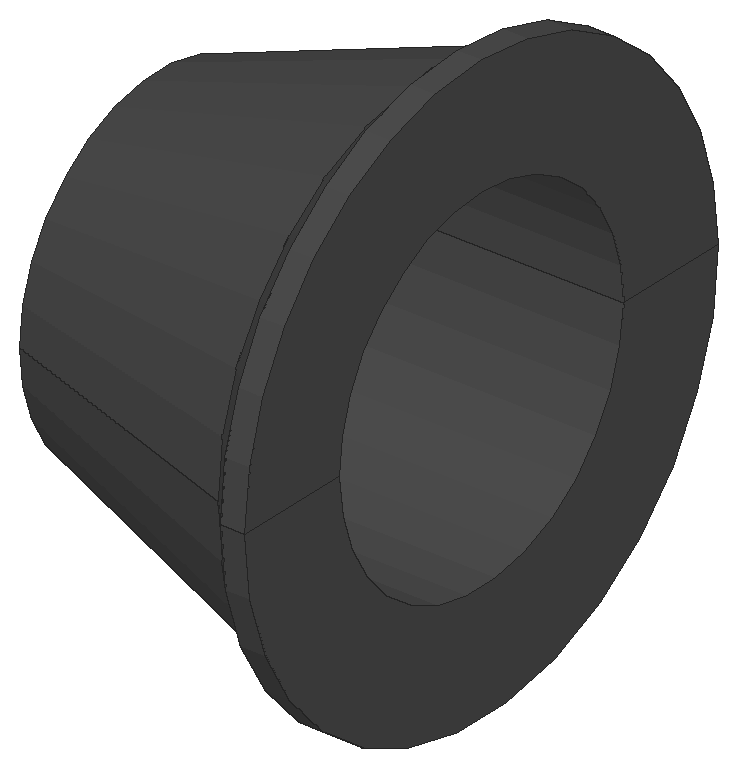
Revit family "FoFo_Junta_JGS", category Pipe Accessories, Revit 2025
Family settings
  Round Connector Dimension = Use Radius
  Part Type = Normal
  OmniClass Number = 23.60.30.11.14
  OmniClass Title = Pipework Fittings
  Work Plane-Based = Yes
  Always vertical = No
  Cut with Voids When Loaded = No
  Shared = Yes
Parameters (values of type "JGS_0080")
  Manufacturer = "SGC"
  Loss Method = K Coefficient from Table
  K Coefficient Table = "Tee"
  Description = "Bolsas JGS - JTI - JTE"
  Default Elevation = 0.0 mm
  DN = "80"
  Bolsa_RL = 0.5 * Bolsa_DL  # 40.0 mm
  Bolsa_Material = FOFO
  Bolsa_DL = 80.0 mm
  Bolsa_Borde3 = Bolsa_Borde1 * 1.1  # 7.7 mm
  Bolsa_Borde1 = 7.0 mm
  Bolsa_RI = 0.5 * Bolsa_DI  # 50.5 mm
  Bolsa_RE = 0.5 * Bolsa_DE  # 49.0 mm
  Bolsa_RB = 0.5 * Bolsa_DB  # 84.0 mm
  Bolsa_Borde2 = Bolsa_Borde1 * 2  # 14.0 mm
  Bolsa_P = 92.0 mm
  Bolsa_E2 = 0.5 * Bolsa_E  # 3.0 mm
  Bolsa_E = 6.0 mm
  Bolsa_DI = 101.0 mm
  Bolsa_DE = 98.0 mm
  Bolsa_DB = 168.0 mm
Types (16, lengths in mm): name | DN | Bolsa_RL | Bolsa_DL | Bolsa_RI | Bolsa_RE | Bolsa_RB | Bolsa_P | Bolsa_DI | Bolsa_DE | Bolsa_DB
  JGS_1200 | "1200" | 600.0 | 1200.0 | 629.0 | 627.5 | 706.0 | 167.0 | 1258.0 | 1255.0 | 1412.0
  JGS_1000 | "1000" | 500.0 | 1000.0 | 525.5 | 524.0 | 595.5 | 157.0 | 1051.0 | 1048.0 | 1191.0
  JGS_0900 | "900" | 450.0 | 900.0 | 474.0 | 472.5 | 541.0 | 147.0 | 948.0 | 945.0 | 1082.0
  JGS_0800 | "800" | 400.0 | 800.0 | 422.5 | 421.0 | 487.0 | 147.0 | 845.0 | 842.0 | 974.0
  JGS_0700 | "700" | 350.0 | 700.0 | 370.5 | 369.0 | 431.5 | 147.0 | 741.0 | 738.0 | 863.0
  JGS_0600 | "600" | 300.0 | 600.0 | 319.0 | 317.5 | 369.5 | 122.0 | 638.0 | 635.0 | 739.0
  JGS_0500 | "500" | 250.0 | 500.0 | 267.5 | 266.0 | 315.0 | 117.0 | 535.0 | 532.0 | 630.0
  JGS_0450 | "450" | 225.0 | 450.0 | 241.5 | 240.0 | 287.5 | 115.0 | 483.0 | 480.0 | 575.0
  JGS_0400 | "400" | 200.0 | 400.0 | 216.0 | 214.5 | 258.5 | 112.0 | 432.0 | 429.0 | 517.0
  JGS_0350 | "350" | 175.0 | 350.0 | 190.5 | 189.0 | 232.5 | 110.0 | 381.0 | 378.0 | 465.0
  JGS_0300 | "300" | 150.0 | 300.0 | 164.5 | 163.0 | 205.0 | 107.0 | 329.0 | 326.0 | 410.0
  JGS_0250 | "250" | 125.0 | 250.0 | 138.5 | 137.0 | 176.5 | 105.0 | 277.0 | 274.0 | 353.0
  JGS_0200 | "200" | 100.0 | 200.0 | 112.5 | 111.0 | 148.0 | 106.0 | 225.0 | 222.0 | 296.0
  JGS_0150 | "150" | 75.0 | 150.0 | 86.5 | 85.0 | 121.5 | 100.0 | 173.0 | 170.0 | 243.0
  JGS_0100 | "100" | 50.0 | 100.0 | 60.5 | 59.0 | 94.5 | 94.0 | 121.0 | 118.0 | 189.0
  JGS_0080 | "80" | 40.0 | 80.0 | 50.5 | 49.0 | 84.0 | 92.0 | 101.0 | 98.0 | 168.0
Reference planes
  plane 1 "EixoP": y = 0
  plane 2: z = 0
  plane 3 "EixoS": x = 2618.25
  plane 4: x = 2710.25
  plane 5: y = 84
  plane 6: y = 50.5
  plane 7: y = 49
  plane 8: y = 40
Forms (mm)
  Revolve 1, solid, material "FOFO" <- "Bolsa_Material"
    sketch origin (-3000, 0, 0) x (1, 0, 0) y (0, 1, 0)
      loop
        arc (5696.25, 76.3) -> (5656.623, 64.441) -> (5618.25, 49) r 450.776
        line (5618.25, 49) -> (5618.25, 40.5) -> (5644.614, 40.5) -> (5644.614, 50.5) -> (5710.25, 50.5) -> (5710.25, 84) -> (5703.25, 84) -> (5696.25, 76.3)
      axis (5618.25, 0) -> (5710.25, 0)
    angle from 0 to 360
Lines and regions (mm)
  model lines, detail levels coarse
    curve 1: line (2618.25, 0, 0) -> (2648.25, 0, 0)
    curve 2: arc (2698.25, 50, 0) -> (2648.25, 0, 0) -> (2698.25, -50, 0) r 50
Dimensions and locks
  "Bolsa_Borde1": Revolve 1 sketch curve to Revolve 1 sketch curve
  "Bolsa_Borde2": Revolve 1 sketch curve to Revolve 1 sketch curve
  "Bolsa_Borde3": Revolve 1 sketch curve to Revolve 1 sketch curve
  "Bolsa_P": plane 3 "EixoS" to Revolve 1 sketch curve
  "Bolsa_P": plane 4 to plane 3 "EixoS"
  "Bolsa_RB": plane 5 to plane 1 "EixoP"
  "Bolsa_RI": plane 6 to plane 1 "EixoP"
  "Bolsa_RE": plane 7 to plane 1 "EixoP"
  "Bolsa_RL": plane 8 to plane 1 "EixoP"
  aligned and locked: Revolve 1 sketch curve to plane 1 "EixoP"
  aligned and locked: Revolve 1 sketch curve to plane 5
  aligned and locked: plane 6 to Revolve 1 sketch curve
Automatic sketch dimensions
  curve 1 to plane 1 "EixoP" = 0.0 mm
  curve 1 to plane 3 "EixoS" = 0.0 mm
  plane 1 "EixoP" to curve 2 = 0.0 mm
  plane 3 "EixoS" to curve 2 = 80.0 mm
  plane 3 "EixoS" to curve 1 = 30.0 mm
  Revolve 1 sketch curve to plane 3 "EixoS" = 0.0 mm  (x2)
  Revolve 1 sketch curve to plane 7 = 0.0 mm
  plane 8 to Revolve 1 sketch curve = 0.5 mm
  plane 3 "EixoS" to Revolve 1 sketch curve = 26.364 mm
  plane 4 to Revolve 1 sketch curve = 95.287 mm
  plane 4 to Revolve 1 sketch curve = 9.153 mm
